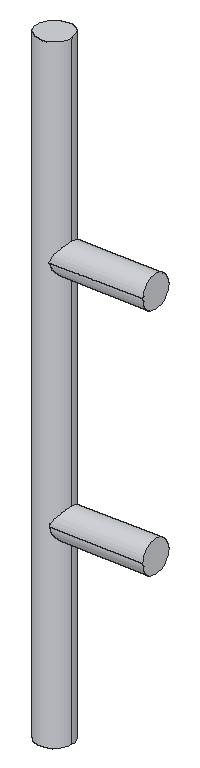
Revit family "DPH 205 T STRAIGHT", category Specialty Equipment, Revit 2015
Parameters
  Type Comments = "DORMA DPH 209 \"T\"STRAIGHT"
  Model = "DPH 209"
  Manufacturer = "DORMA"
  Description = "DORMA DPH209"
Reference planes
  plane 1 "Center (Front/Back)": y = 0
  plane 2: z = 0
  plane 3 "Center (Left/Right)": x = 0
  plane 4: z = 399.862
  plane 5: z = 200
  plane 6: z = 275
  plane 7: z = 125
Forms (mm)
  Extrusion 1, solid
    sketch origin (0, 0, 0) x (1, 0, 0) y (0, 1, 0)
      loop
        circle (0, 0) r 11
    from 0 to 399.862
  Sweep 2, solid
    path origin (0, 0, 125) x (1, 0, 0) y (0, 1, 0)
      loop
        line (64, 0) -> (0, 0)
    profile origin (32, 0, 125) x (0, -1, 0) y (0, 0, 1)
      loop
        circle (0, 0) r 10
  Sweep 3, solid
    path origin (0, 0, 275) x (1, 0, 0) y (0, 1, 0)
      loop
        line (64, 0) -> (0, 0)
    profile origin (32, 0, 275) x (0, -1, 0) y (0, 0, 1)
      loop
        circle (0, 0) r 10
Cuts and joins
  joined: Extrusion 1, Sweep 2, Sweep 3
Dimensions and locks
  plane 4 to level = 399.862 mm
  plane 5 to level = 200 mm
  plane 6 to plane 5 to plane 7 = 75 mm, 75 mm
  aligned and locked: level to plane 2
